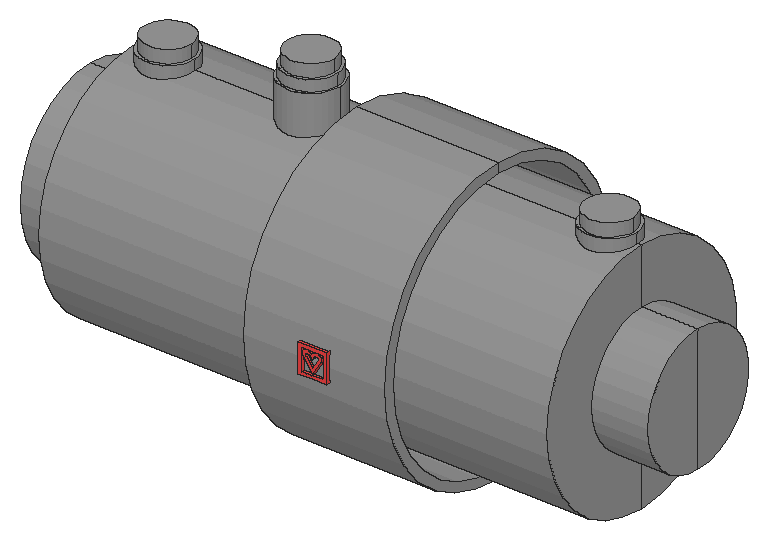
Revit family "Клапан предотвращения обратного потока 0307, внутренняя резьба х наружная резьба", category Rohrzubehör, Revit 2019
Family settings
  Bemaßung runder Anschluss = Durchmesser verwenden
  Teiletyp = Unterbricht
  OmniClass-Nummer = 23.65.55.14
  OmniClass-Titel = Valves for Liquid Services
  Arbeitsebenenbasiert = Nein
  Immer vertikal = Ja
  Beim Laden mit Abzugskörper schneiden = Nein
  Gemeinsam genutzt = Nein
Parameters (values of type "внутренняя резьба х наружная резьба DN40-DN40")
  Среда = "вода (не пар)"  # constant formula
  Примечание = "В соответствии со статьей 33 Регламента REACH (Registration; Evaluation; Authorisation; Restriction of Chemicals) (EC № 1907/2006) мы обязаны указать, что свинец внесен в список SVHC (Substances of Very High Concern - вещества очень высокой важности) и весовой процент свинца во всех латунных компонентах заводского изготовления в наших изделиях, превышает 0,1 % (w/w) (CAS: 7439-92-1 / EINECS: 231-100-4).\r\nПоскольку свинец является легирующим компонентом сплава, прямое негативное влияние исключается, и поэтому дополнительной информации о безопасном использовании не требуется."
  Область применения = "Клапан предотвращения обратного потока является экономически выгодным решением по дооснащению гидрантов арматурой, в соответствии с предписаниями DIN EN 1717, предотвращающей подсасывание непитьевой воды обратно в трубопровод питьевого водоснабжения.\r\nКлапан предотвращения обратного потока предназначается для установки в горизонтальном положении.\r\nДопускается также его вертикальное положение, но обязательно по направлению движения потока сверху вниз.\r\nКлапан не предусмотрен для установки на стояковых нагнетательных трубопроводах."
  Макс. рабочее давление = 1000000.0 Pa  # constant formula
  Макс. рабочая температура = 65 °C  # constant formula
  Корпус = "нержавеющая сталь"  # constant formula
  Исполнение = "Клапан предотвращения обратного потока ВА разработан согласно требованиям нормы DIN EN 1717.\r\nСогласно этой нормы качество воды, в зависимости от степени загрязнения, разделяется на 5 категорий.\r\nКлапан предотвращения обратного потока типа ВА обеспечивает защиту от непитьевой воды до 4 категории, - это самый высокий класс защиты, который может обеспечить арматура.\r\nБолее низкий уровень защиты, чем тот, что обеспечивается клапаном предотвращения обратного потока, не является стандартом и в случае аварии ответственность несёт потребитель такого гидранта.\r\nФункциональный узел представляет собой картридж с золотником больших размеров и защищающего от гидравлического удара спускного клапана.\r\nРезьбы соединения между собой взаимозаменяемы, при этом возможны 16 вариантов подключения (входная и выходная стороны могут быть с внутренней или наружной резьбой  1 1/2\" , как альтернатива,  с внутренней или наружной резьбой 2\")."
  URL = "www.herz-armaturen.ru"
  SCTWSEQ = "AW;SBT_TYP_AW=\"104\";2"
  SCTWCODE = "04;12;02"  # constant formula
  S03 = 15.000 mm  # constant formula
  S02 = 45.000 mm  # constant formula
  S01 = 98.000 mm  # constant formula
  Nennweite Ein [instance] = if(IG_AG_DN40_DN40, 40.000 mm, if(IG_AG_DN40_DN50, 40.000 mm, if(IG_AG_DN50_DN40, 50.000 mm, if(IG_AG_DN50_DN50, 50.000 mm, 0.000 mm))))  # 40.000 mm
  Nennweite Aus [instance] = if(IG_AG_DN40_DN40, 40.000 mm, if(IG_AG_DN40_DN50, 50.000 mm, if(IG_AG_DN50_DN40, 40.000 mm, if(IG_AG_DN50_DN50, 50.000 mm, 0.000 mm))))  # 40.000 mm
  Макс. допустимая рабочая температура (кратковременно) = 80 °C  # constant formula
  L08 = 45.000 mm  # constant formula
  L07 = 24.500 mm  # constant formula
  L06 = 70.000 mm  # constant formula
  L05 = 28.000 mm  # constant formula
  L04 = 13.500 mm  # constant formula
  L03 = 84.500 mm  # constant formula
  L02 = 18.000 mm  # constant formula
  L01 = 193.000 mm  # constant formula
  Hersteller = "HERZ Armaturen Ges.m.b.H."  # constant formula
  Положение при монтаже = "горизонтально или вертикально, с направлением потока сверху вниз"  # constant formula
  D03 [instance] = if(IG_AG_DN40_DN40, 28.000 mm, if(IG_AG_DN40_DN50, 28.000 mm, if(IG_AG_DN50_DN40, 33.000 mm, if(IG_AG_DN50_DN50, 33.000 mm, 0.000 mm))))  # 28.000 mm
  D02 = 45.000 mm  # constant formula
  D01 = 37.500 mm  # constant formula
  Номер заказа [instance] = if(IG_AG_DN40_DN40, "I030702", if(IG_AG_DN40_DN50, "I030710", if(IG_AG_DN50_DN40, "I030714", if(IG_AG_DN50_DN50, "I030706", "0"))))  # "I030702"
  IG_AG_DN50_DN50 = no
  IG_AG_DN50_DN40 = no
  IG_AG_DN40_DN50 = no
  IG_AG_DN40_DN40 = yes
  IG Ein [instance] = Nennweite Ein / 2  # 20.000 mm
  AG Aus [instance] = Nennweite Aus / 2  # 20.000 mm
Types (5, lengths in mm): name | Nennweite Ein | Nennweite Aus | D03 | Номер заказа | IG_AG_DN50_DN50 | IG_AG_DN50_DN40 | IG_AG_DN40_DN50 | IG_AG_DN40_DN40 | IG Ein | AG Aus
  (no name) | 40.000 | 40.000 | 28.000 | "I030702" | no | no | no | yes | 20.000 | 20.000
  внутренняя резьба х наружная резьба DN40-DN50 | 40.000 | 50.000 | 28.000 | "I030710" | no | no | yes | no | 20.000 | 25.000
  внутренняя резьба х наружная резьба DN40-DN40 | 40.000 | 40.000 | 28.000 | "I030702" | no | no | no | yes | 20.000 | 20.000
  внутренняя резьба х наружная резьба DN50-DN50 | 50.000 | 50.000 | 33.000 | "I030706" | yes | no | no | no | 25.000 | 25.000
  внутренняя резьба х наружная резьба DN50-DN40 | 50.000 | 40.000 | 33.000 | "I030714" | no | yes | no | no | 25.000 | 20.000
Reference planes
  plane 1 "Mitte (Vorne/hinten)": y = 0
  plane 2: z = 0
  plane 3 "Mitte (Links/rechts)": x = 0
Forms (mm)
  Revolve 1, solid, material "Messing, weicher Gelbton, geschweißt", detail levels fine
    sketch origin (0, 0, 0) x (1, 0, 0) y (0, 0, 1)
      loop
        line (96.5, 0) -> (96.5, 20) -> (78.5, 20) -> (78.5, 37.5) -> (-83, 37.5) -> (-83, 28) -> (-96.5, 28) -> (-96.5, 20) -> (-83, 20) -> (-83, 0) -> (96.5, 0)
      axis (-96.5, 0) -> (96.5, 0)
    angle from 0 to 360
  Revolve 2, solid, material "Acetalharz, Schwarz", detail levels fine
    sketch origin (0, 0, 0) x (1, 0, 0) y (0, 0, 1)
      loop
        line (-12, 0) -> (1.5, 0) -> (1.5, 42) -> (33, 42) -> (33, 45) -> (-12, 45) -> (-12, 0)
      axis (-12, 0) -> (33, 0)
    angle from 0 to 360
  Extrusion 3, solid, material "Messing, weicher Gelbton, geschweißt", detail levels fine
    sketch origin (0, 0, 0) x (1, 0, 0) y (0, 1, 0)
      loop
        circle (-72, 0) r 8.5
      loop
        circle (68.5, 0) r 8.5
    from 0 to 40.5
  Extrusion 4, solid, material "Acetalharz, Schwarz", detail levels fine
    sketch origin (0, 0, 0) x (1, 0, 0) y (0, 1, 0)
      loop
        circle (-72, 0) r 7.5
      loop
        circle (68.5, 0) r 7.5
    from 40.5 to 44.5
  Extrusion 5, solid, material "Messing, weicher Gelbton, geschweißt", detail levels fine
    sketch origin (0, 0, 0) x (1, 0, 0) y (0, 1, 0)
      loop
        circle (-26.5, 0) r 9.3
    from 0 to 49
  Extrusion 6, solid, material "Messing, weicher Gelbton, geschweißt", detail levels fine
    sketch origin (0, 0, 0) x (1, 0, 0) y (0, 1, 0)
      loop
        circle (-26.5, 0) r 8.5
    from 49 to 52.5
  Extrusion 7, solid, material "Acetalharz, Schwarz", visible <- "IG_AG_DN40_DN50", detail levels fine
    sketch origin (0, 0, 0) x (1, 0, 0) y (0, 1, 0)
      loop
        circle (-26.5, 0) r 7.5
    from 52.5 to 56.5
  Extrusion 8, solid, material "Acetalharz, Schwarz", visible <- "IG_AG_DN40_DN40", detail levels fine
    sketch origin (0, 0, 0) x (1, 0, 0) y (0, 1, 0)
      loop
        circle (-26.5, 0) r 7.5
    from 52.5 to 56.4
  Extrusion 9, solid, material "Acetalharz, Schwarz", visible <- "IG_AG_DN50_DN50", detail levels fine
    sketch origin (0, 0, 0) x (1, 0, 0) y (0, 1, 0)
      loop
        circle (-26.5, 0) r 7.5
    from 52.5 to 56.3
  Extrusion 10, solid, material "Acetalharz, Schwarz", visible <- "IG_AG_DN50_DN40", detail levels fine
    sketch origin (0, 0, 0) x (1, 0, 0) y (0, 1, 0)
      loop
        circle (-26.5, 0) r 7.5
    from 52.5 to 56.2
Lines and regions (mm)
  model lines, detail levels coarse+medium
    curve 1: line (-96.5, 0, 37.5) -> (96.5, 0, 37.5)
    curve 2: line (-96.5, 0, -37.5) -> (-96.5, 0, 37.5)
    curve 3: line (96.5, 0, -37.5) -> (-96.5, 0, -37.5)
    curve 4: line (96.5, 0, 37.5) -> (96.5, 0, -37.5)
    curve 5: line (-96.5, 0, -22.5) -> (-51.5, 0, -22.5)
    curve 6: line (-1.5, 0, -22.5) -> (96.5, 0, -22.5)
    curve 7: line (-96.5, 0, 22.5) -> (-51.5, 0, 22.5)
    curve 8: line (-1.5, 0, 22.5) -> (96.5, 0, 22.5)
    curve 9: line (-96.5, 37.5, 0) -> (96.5, 37.5, 0)
    curve 10: line (-96.5, -37.5, 0) -> (-96.5, 37.5, 0)
    curve 11: line (96.5, -37.5, 0) -> (-96.5, -37.5, 0)
    curve 12: line (96.5, 37.5, 0) -> (96.5, -37.5, 0)
    curve 13: line (-96.5, 22.5, 0) -> (-51.5, 22.5, 0)
    curve 14: line (-1.5, 22.5, 0) -> (96.5, 22.5, 0)
    curve 15: line (-96.5, -22.5, 0) -> (-51.5, -22.5, 0)
    curve 16: line (-1.5, -22.5, 0) -> (96.5, -22.5, 0)
Dimensions and locks
  equal spacing: curve 4, plane 3 "Mitte (Links/rechts)", curve 2
  "L01": curve 4 to curve 2
  "D01": curve 1 to plane 2 to curve 3
  "S03": curve 5 to curve 3
  "S03": curve 1 to curve 7
  "S03": curve 1 to curve 8
  "S03": curve 6 to curve 3
  "S02": curve 5 to curve 2
  "S02": curve 7 to curve 2
  "S01": curve 8 to curve 4
  "S01": curve 6 to curve 4
  equal spacing: curve 10, plane 3 "Mitte (Links/rechts)", curve 12
  "L01": curve 10 to curve 12
  "D01": curve 11 to plane 1 "Mitte (Vorne/hinten)" to curve 9
  "S03": curve 13 to curve 9
  "S03": curve 11 to curve 15
  "S03": curve 14 to curve 9
  "S03": curve 11 to curve 16
  "S01": curve 14 to curve 12
  "S01": curve 16 to curve 12
  "S02": curve 10 to curve 15
  "S02": curve 10 to curve 13
  "D02": Revolve 2 sketch curve to Revolve 2 sketch curve
  equal spacing: Revolve 2, nested 1, Revolve 2
  "D02": nested 1 to plane 1 "Mitte (Vorne/hinten)"
  Revolve 1 sketch curve to Revolve 1 sketch curve = 193.000 mm
  "AG Aus": Revolve 1 sketch curve to Revolve 1 sketch curve
  "IG Ein": Revolve 1 sketch curve to plane 2
  "D03": Revolve 1 sketch curve to plane 2
  "D01": Revolve 1 sketch curve to plane 2
  "L03": Revolve 1 to Revolve 2 sketch curve
  "L07": Revolve 1 to Extrusion 3 sketch curve
  "L05": Extrusion 3 sketch curve to Revolve 1
  "L05": Extrusion 4 sketch curve to Revolve 1
  "L07": Revolve 1 to Extrusion 4 sketch curve
  "L06": Revolve 1 to Extrusion 5 sketch curve
  "L06": Revolve 1 to Extrusion 6 sketch curve
  "L06": Revolve 1 to Extrusion 10 sketch curve
  "L06": Revolve 1 to Extrusion 9 sketch curve
  "L06": Revolve 1 to Extrusion 8 sketch curve
  "L06": Revolve 1 to Extrusion 7 sketch curve
  "L08": Revolve 2 sketch curve to Revolve 2 sketch curve
  aligned and locked: level to plane 2
Automatic sketch dimensions
  Revolve 1 sketch curve to level = 0.000 mm  (x2)
  Revolve 1 sketch curve to plane 3 "Mitte (Links/rechts)" = 96.500 mm
  Revolve 1 sketch curve to Revolve 1 sketch curve = 13.500 mm
  Revolve 1 sketch curve to Revolve 1 sketch curve = 0.000 mm
  plane 3 "Mitte (Links/rechts)" to Revolve 1 sketch curve = 78.500 mm
  Revolve 1 sketch curve to Revolve 1 sketch curve = 18.000 mm
  Revolve 1 sketch curve to Revolve 1 sketch curve = 1408.530 mm
  Revolve 1 sketch curve to Revolve 1 sketch curve = 1741.148 mm
  Revolve 2 sketch curve to level = 0.000 mm  (x2)
  plane 3 "Mitte (Links/rechts)" to Revolve 2 sketch curve = 1.500 mm
  Revolve 2 sketch curve to Revolve 2 sketch curve = 3.000 mm
  Revolve 2 sketch curve to Revolve 2 sketch curve = 1496.030 mm
  Revolve 2 sketch curve to Revolve 2 sketch curve = 1804.648 mm
  plane 1 "Mitte (Vorne/hinten)" to Extrusion 3 sketch curve = 0.000 mm  (x2)
  plane 1 "Mitte (Vorne/hinten)" to Extrusion 4 sketch curve = 0.000 mm  (x2)
  plane 1 "Mitte (Vorne/hinten)" to Extrusion 5 sketch curve = 0.000 mm
  plane 1 "Mitte (Vorne/hinten)" to Extrusion 6 sketch curve = 0.000 mm
  plane 1 "Mitte (Vorne/hinten)" to Extrusion 7 sketch curve = 0.000 mm
  plane 1 "Mitte (Vorne/hinten)" to Extrusion 8 sketch curve = 0.000 mm
  plane 1 "Mitte (Vorne/hinten)" to Extrusion 9 sketch curve = 0.000 mm
  plane 1 "Mitte (Vorne/hinten)" to Extrusion 10 sketch curve = 0.000 mm
  radius of Extrusion 3 sketch curve = 8.500 mm  (x2)
  radius of Extrusion 4 sketch curve = 7.500 mm  (x2)
  radius of Extrusion 5 sketch curve = 9.300 mm
  radius of Extrusion 6 sketch curve = 8.500 mm
  radius of Extrusion 7 sketch curve = 7.500 mm
  radius of Extrusion 8 sketch curve = 7.500 mm
  radius of Extrusion 9 sketch curve = 7.500 mm
  radius of Extrusion 10 sketch curve = 7.500 mm
Nested families
  nested 1: "Herz-Logo-vorne" at (10.5, -45, 0) x (0, 1, 0) z (0, 0, 1), type "Herz-Logo-vorne", detail levels fine
Connectors
  piping at (-83, 0, 0), diameter 40, driven by "Nennweite Ein"
    settings: on Revolve 1, index 1, connector inside diameter 609.6 mm, connector length 0.000 mm, flow factor 0, pipe flow 0.0 L/s, pressure drop 0.0 Pa, fitting loss kfactor 0, connector angle 0.00°, fixture units 0, engagement length 0.000 mm, angle of deflection 0.00°, flow configuration 0, flow direction 1, fitting loss method 0, system type 29, joint type 0, gender type 0, connector reference index -1, connector utility 0, adjustable connector no, is connector primary yes, connector description ""
  piping at (96.5, 0, 0), diameter 40, driven by "Nennweite Aus"
    settings: on Revolve 1, index 2, connector inside diameter 609.6 mm, connector length 0.000 mm, flow factor 0, pipe flow 0.0 L/s, pressure drop 0.0 Pa, fitting loss kfactor 0, connector angle 0.00°, fixture units 0, engagement length 0.000 mm, angle of deflection 0.00°, flow configuration 0, flow direction 2, fitting loss method 0, system type 29, joint type 0, gender type 0, connector reference index -1, connector utility 0, adjustable connector no, is connector primary no, connector description ""
Definition of nested family "Herz-Logo-vorne"
  Reference planes
    plane 1 "Mitte (Vorne/hinten)": y = 0
    plane 2: z = 0
    plane 3 "Mitte (Links/rechts)": x = 0
  Forms (mm)
    Extrusion 1, solid
      sketch origin (0.732, -0.018, 0.017) x (0, -1, 0) y (0, 0, 1)
        loop
          line (-0.018, -4.517) -> (4.482, -4.517) -> (4.482, 4.483) -> (-4.518, 4.483) -> (-4.518, -4.517) -> (-0.018, -4.517)
        loop
          line (-0.05, -3.48) -> (3.482, -3.48) -> (3.482, 3.483) -> (-3.518, 3.483) -> (-3.518, -3.48) -> (-0.05, -3.48)
        loop
          arc (-0.018, 2.383) -> (-1.543, 3.287) -> (-3.067, 2.383) r 1.738
          arc (-3.067, 2.383) -> (-3.191, 1.899) -> (-3.067, 1.415) r 1.009
          line (-3.067, 1.415) -> (-0.018, -3.281) -> (3.032, 1.415)
          arc (3.032, 1.415) -> (3.156, 1.899) -> (3.032, 2.383) r 1.009
          arc (3.032, 2.383) -> (1.507, 3.287) -> (-0.018, 2.383) r 1.738
        loop
          arc (1.885, 1.272) -> (2.005, 1.675) -> (1.885, 2.079) r 0.74
          arc (1.885, 2.079) -> (1.265, 2.416) -> (0.644, 2.079) r 0.74
          line (0.644, 2.079) -> (-0.018, 0.97) -> (-0.679, 2.079)
          arc (-0.679, 2.079) -> (-1.3, 2.416) -> (-1.921, 2.079) r 0.74
          arc (-1.921, 2.079) -> (-2.04, 1.675) -> (-1.921, 1.272) r 0.74
          line (-1.921, 1.272) -> (-0.018, -1.658) -> (1.885, 1.272)
      from 0 to 1.5
  Dimensions and locks
    aligned and locked: level to plane 2
